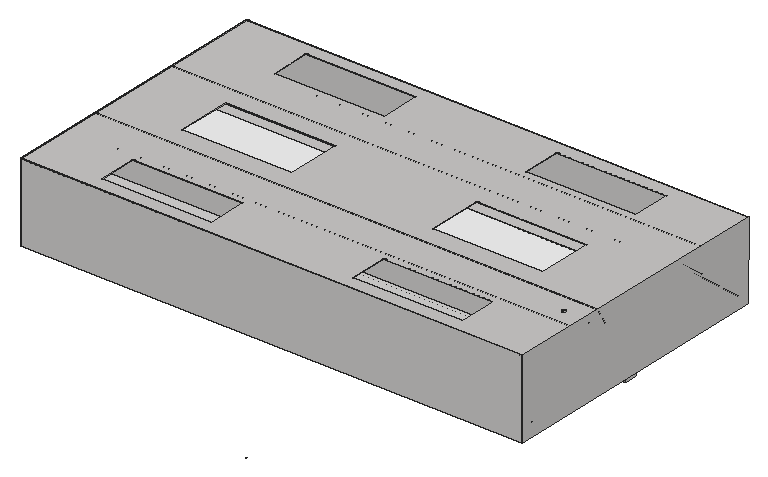
Revit family "QF_ELECTROLUXPROFESSIONAL_640237_STCF1832", category Attrezzature speciali, Revit 2021
Family settings
  Quota connettore circolare = Usa diametro
  Tipo di parte = Normale
  Basato su piano di lavoro = No
  Sempre verticale = Sì
  Taglio con vuoti quando caricato = No
  Condiviso = No
  Punto di calcolo locali = No
Parameters (values of type "Standard")
  Weight = 240.00 kg
  Watts = 480 W
  Volts = 220 V
  URL Manufacturer = "https://www.electroluxprofessional.com/"
  URL = "https://www.electroluxprofessional.com/"
  Steam Supply Size = 0 mm
  Steam Supply Minimum Pressure = 0.0 Pa
  Steam Supply Maximum Pressure = 0.0 Pa
  Steam Consumption per Hour = 0
  Refrigeration Suction Line Size = 0 mm
  Refrigeration Liquid Line Size = 0 mm
  Refrigerant Compressor Remote = yes
  Prospetto di default = 0 mm
  Produttore = "Electrolux Professional"
  Phase = 1
  Modello = "STCF1832"
  Length Actual = 3200 mm  # constant formula
  Item Number = "640237"
  Hot Water Size = 0 mm
  Height Actual = 500 mm  # constant formula
  HP = "0.6 HP"
  Gas Size = 0 mm
  Gas KW = 0
  Gas Input Pressure = 0 W
  Direct Waste Size = 0 mm
  Descrizione = "304 S/S ISLAND HOOD+FILT.+LAMPS 320X180"
  Depth Actual = 1800 mm  # constant formula
  Cycle = 50 Hz
  Condensate Return Size = 0 mm
  Compressed Air Volume = 0.0 L/s
  Compressed Air Size = 0 mm
  Compressed Air Pressure = 0.0 Pa
  Cold Water Size = 0 mm
  Accessory = yes
Reference planes
  plane 1: z = 0
  plane 2 "Center (Left/Right)": x = 150
  plane 3 "LEFT": x = -1450
  plane 4 "RIGHT": x = 1750
  plane 5 "BACK": y = 550
  plane 6 "TOP": z = 2500
  plane 7 "Base": z = 2000
  plane 8: z = 1955
  plane 9: x = -1447
  plane 10 "DrainX": x = 1630
  plane 11 "AOLeft2": x = -300
  plane 12 "AORight1": x = 600
  plane 13: x = 1747
  plane 14: x = -1250
  plane 15: x = 1550
  plane 16 "Center (Front/Back)": y = -350
  plane 17 "Front": y = -1250
  plane 18 "AOLeft1": x = -1000
  plane 19 "AORight2": x = 1300
  plane 20 "EI_y": y = -770
  plane 21 "EIx": x = 1630
  plane 22: y = 464
  plane 23: y = 214
  plane 24: y = -1164
  plane 25: y = -914
  plane 26: y = -175
  plane 27: y = -525
Forms (mm)
  Extrusion 1, solid, material "QF_Finishes_Stainless Steel"
    sketch origin (-1450, 0, 360) x (0, 1, 0) y (0, 0, 1)
      loop
        line (550, 1640) -> (550, 2140) -> (-1250, 2140) -> (-1250, 1640) -> (550, 1640)
    from 0 to 3
  Extrusion 2, solid, material "QF_Finishes_Stainless Steel"
    sketch origin (1750, 0, 360) x (0, 1, 0) y (0, 0, 1)
      loop
        line (550, 1640) -> (550, 2140) -> (-1250, 2140) -> (-1250, 1640) -> (550, 1640)
    from 0 to -3
  Extrusion 3, solid, material "QF_Finishes_Stainless Steel"
    sketch origin (150, 0, 360) x (0, 1, 0) y (0, 0, 1)
      loop
        line (-1250, 2140) -> (-1250, 1640) -> (-1240, 1640) -> (-1240, 1640.8) -> (-1249.2, 1640.8) -> (-1249.2, 2139.19) -> (549.2, 2139.19) -> (549.2, 1640.8) -> (540, 1640.8) -> (540, 1640) -> (550, 1640) -> (550, 2140) -> (-1250, 2140)
    from -1600 to 1600
  Extrusion 4, solid, material "QF_Finishes_Stainless Steel"
    sketch origin (0, -840, 2000) x (0, 1, 0) y (-1, 0, 0)
      loop
        circle (490, -1630) r 4.763
    from -30 to 0
  Extrusion 5, void
    sketch origin (0, 0, 2500) x (0, 1, 0) y (-1, 0, 0)
      loop
        line (-1164, 300) -> (-914, 300) -> (-914, 1000) -> (-1164, 1000) -> (-1164, 300)
    from 0 to -10
  Extrusion 6, solid, material "QF_Finishes_Stainless Steel"
    sketch origin (0, 0, 0) x (1, 0, 0) y (0, 1, 0)
      loop
        line (-1450, 550) -> (-1450, 549) -> (-1449, 549) -> (-1449, 550) -> (-1450, 550)
    from 0 to 1
  Sweep 7, solid, material "QF_Finishes_Stainless Steel"
    path origin (0, 0, 0) x (1, 0, 0) y (0, 1, 0)
      loop
        line (1750, 550) -> (-1450, 550) -> (-1450, -1250) -> (1750, -1250) -> (1750, 550)
    profile origin (1750, -350, 0) x (1, 0, 0) y (0, 0, 1)
      loop
        line (-3, 2000) -> (-3, 2000.8) -> (-19, 2000.8) -> (-19, 2010) -> (-20, 2010) -> (-20, 2000) -> (-3, 2000)
  Extrusion 8, solid, material "QF_Finishes_Stainless Steel"
    sketch origin (150, -826.94, 0) x (0, 1, 0) y (0, 0, 1)
      loop
        line (414.66, 2095.469) -> (440.643, 2110.471) -> (261.744, 2411.771) -> (235.948, 2396.455) -> (414.66, 2095.469)
    from -1597 to -1400
  Extrusion 9, void
    sketch origin (1134.605, 0, 2500) x (0, 1, 0) y (-1, 0, 0)
      loop
        line (-1164, -165.395) -> (-914, -165.395) -> (-914, 534.605) -> (-1164, 534.605) -> (-1164, -165.395)
    from 0 to -10
  Extrusion 10, solid, material "QF_Finishes_Stainless Steel"
    sketch origin (1630, -840, 0) x (0, 1, 0) y (0, 0, 1)
      loop
        line (539, 2000) -> (441, 2000) -> (441, 1989) -> (448.5, 1989) -> (448.5, 1965)
        arc (448.5, 1965) -> (451.429, 1957.929) -> (458.5, 1955) r 10
        line (458.5, 1955) -> (521.5, 1955)
        arc (521.5, 1955) -> (528.571, 1957.929) -> (531.5, 1965) r 10
        line (531.5, 1965) -> (531.5, 1989) -> (539, 1989) -> (539, 2000)
    from 90 to -90
  Extrusion 11, solid, material "QF_Finishes_Stainless Steel"
    sketch origin (150, -826.94, 0) x (0, 1, 0) y (0, 0, 1)
      loop
        line (414.66, 2095.469) -> (440.643, 2110.471) -> (261.744, 2411.771) -> (235.948, 2396.455) -> (414.66, 2095.469)
    from 1400 to 1597
  Extrusion 12, solid, material "QF_Finished_Chrome"
    sketch origin (150, -826.94, 0) x (0, 1, 0) y (0, 0, 1)
      loop
        line (414.66, 2095.469) -> (440.643, 2110.471) -> (261.744, 2411.771) -> (235.948, 2396.455) -> (414.66, 2095.469)
    from -1400 to 1400
  Extrusion 13, void
    sketch origin (0, 1180, 2500) x (0, 1, 0) y (-1, 0, 0)
      loop
        line (-1355, 300) -> (-1355, 1000) -> (-1705, 1000) -> (-1705, 300) -> (-1355, 300)
    from 0 to -10
  Extrusion 14, void
    sketch origin (1600, 1180, 2500) x (0, 1, 0) y (-1, 0, 0)
      loop
        line (-1355, 300) -> (-1355, 1000) -> (-1705, 1000) -> (-1705, 300) -> (-1355, 300)
    from 0 to -10
  Extrusion 15, solid, material "QF_Finishes_Stainless Steel"
    sketch origin (0, 0, 2500) x (0, 1, 0) y (-1, 0, 0)
      loop
        circle (-770, -1630) r 10
    from 0 to 1.6
  Extrusion 16, solid, material "QF_Finishes_Stainless Steel"
    sketch origin (150, -826.94, 360) x (0, 1, 0) y (0, 0, 1)
      loop
        line (430.005, 1640) -> (476.94, 1640) -> (476.94, 1640.8) -> (430.467, 1640.8) -> (371.906, 1742.23) -> (414.858, 1734.657) -> (442.266, 1750.481) -> (442.266, 1765.943) -> (441.466, 1765.943) -> (441.466, 1750.943) -> (414.709, 1735.495) -> (321.153, 1751.991) -> (320.875, 1750.416) -> (371.4, 1741.507) -> (430.005, 1640)
      loop
        line (172.529, 2139.19) -> (242.893, 2017.316) -> (245.133, 2018.715) -> (240.13, 2027.381) -> (238.569, 2026.405) -> (173.453, 2139.19) -> (172.529, 2139.19)
    from -1597 to 1597
  Extrusion 17, solid, material "QF_LAMPS"
    sketch origin (150, 0, 360) x (0, 1, 0) y (0, 0, 1)
      loop
        line (-872.823, 1962.324) -> (-718.948, 2086.929) -> (-727.129, 2097.032) -> (-881.003, 1972.426) -> (-872.823, 1962.324)
    from 1597 to -1597
  Extrusion 18, solid, material "QF_Finishes_Stainless Steel"
    sketch origin (150, 0, 360) x (0, 1, 0) y (0, 0, 1)
      loop
        line (-1250, 2139.19) -> (-1250, 1640) -> (-1186.602, 1640) -> (-1099.146, 1690.493) -> (-1110.058, 1709.394) -> (-1166.564, 1676.77) -> (-1214.704, 1680.982) -> (-1249.2, 1730.248) -> (-1249.2, 2139.19) -> (-1250, 2139.19)
      loop
        line (-873.6, 1961.694) -> (-881.937, 1971.99) -> (-869.095, 1982.182) -> (-869.095, 2139.19) -> (-869.895, 2139.19) -> (-869.895, 1982.569) -> (-1182.298, 1734.63) -> (-1171.091, 1720.79) -> (-873.6, 1961.694)
      loop
        line (-727.61, 2099.216) -> (-718.171, 2087.559) -> (-654.411, 2139.19) -> (-655.682, 2139.19) -> (-718.052, 2088.684) -> (-726.989, 2099.719) -> (-727.61, 2099.216)
    from -1597 to 1597
  Extrusion 19, solid, material "QF_Finishes_Stainless Steel"
    sketch origin (150, 126.94, 360) x (0, -1, 0) y (0, 0, -1)
      loop
        line (430.005, -1640) -> (371.4, -1741.507) -> (320.875, -1750.416) -> (321.153, -1751.991) -> (414.709, -1735.495) -> (441.466, -1750.943) -> (441.466, -1765.943) -> (442.266, -1765.943) -> (442.266, -1750.481) -> (414.858, -1734.657) -> (371.906, -1742.23) -> (430.467, -1640.8) -> (476.94, -1640.8) -> (476.94, -1640) -> (430.005, -1640)
      loop
        line (172.529, -2139.19) -> (173.453, -2139.19) -> (238.569, -2026.405) -> (240.13, -2027.381) -> (245.133, -2018.715) -> (242.893, -2017.316) -> (172.529, -2139.19)
    from -1597 to 1597
  Extrusion 20, solid, material "QF_LAMPS"
    sketch origin (150, -700, 360) x (0, -1, 0) y (0, 0, -1)
      loop
        line (-872.823, -1962.324) -> (-881.003, -1972.426) -> (-727.129, -2097.032) -> (-718.948, -2086.929) -> (-872.823, -1962.324)
    from 1597 to -1597
  Extrusion 21, solid, material "QF_Finishes_Stainless Steel"
    sketch origin (150, -700, 360) x (0, -1, 0) y (0, 0, -1)
      loop
        line (-1250, -2139.19) -> (-1249.2, -2139.19) -> (-1249.2, -1730.248) -> (-1214.704, -1680.982) -> (-1166.564, -1676.77) -> (-1110.058, -1709.394) -> (-1099.146, -1690.493) -> (-1186.602, -1640) -> (-1250, -1640) -> (-1250, -2139.19)
      loop
        line (-873.6, -1961.694) -> (-1171.091, -1720.79) -> (-1182.298, -1734.63) -> (-869.895, -1982.569) -> (-869.895, -2139.19) -> (-869.095, -2139.19) -> (-869.095, -1982.182) -> (-881.937, -1971.99) -> (-873.6, -1961.694)
      loop
        line (-727.61, -2099.216) -> (-726.989, -2099.719) -> (-718.052, -2088.684) -> (-655.682, -2139.19) -> (-654.411, -2139.19) -> (-718.171, -2087.559) -> (-727.61, -2099.216)
    from -1597 to 1597
  Extrusion 22, solid, material "QF_Finishes_Stainless Steel"
    sketch origin (150, 126.94, 0) x (0, -1, 0) y (0, 0, -1)
      loop
        line (414.66, -2095.469) -> (235.948, -2396.455) -> (261.744, -2411.771) -> (440.643, -2110.471) -> (414.66, -2095.469)
    from -1597 to -1400
  Extrusion 23, solid, material "QF_Finishes_Stainless Steel"
    sketch origin (150, 126.94, 0) x (0, -1, 0) y (0, 0, -1)
      loop
        line (414.66, -2095.469) -> (235.948, -2396.455) -> (261.744, -2411.771) -> (440.643, -2110.471) -> (414.66, -2095.469)
    from 1400 to 1597
  Extrusion 24, solid, material "QF_Finished_Chrome"
    sketch origin (150, 126.94, 0) x (0, -1, 0) y (0, 0, -1)
      loop
        line (414.66, -2095.469) -> (235.948, -2396.455) -> (261.744, -2411.771) -> (440.643, -2110.471) -> (414.66, -2095.469)
    from -1400 to 1400
  Extrusion 25, void
    sketch origin (0, 814, 2500) x (0, 1, 0) y (-1, 0, 0)
      loop
        line (-600, 300) -> (-350, 300) -> (-350, 1000) -> (-600, 1000) -> (-600, 300)
    from 0 to -10
  Extrusion 26, void
    sketch origin (1134.605, 814, 2500) x (0, 1, 0) y (-1, 0, 0)
      loop
        line (-600, -165.395) -> (-350, -165.395) -> (-350, 534.605) -> (-600, 534.605) -> (-600, -165.395)
    from 0 to -10
  Extrusion 27, solid, material "QF_Finishes_Stainless Steel"
    sketch origin (150, 126.94, 0) x (0, -1, 0) y (0, 0, -1)
      loop
        line (414.66, -2095.469) -> (235.948, -2396.455) -> (261.744, -2411.771) -> (440.643, -2110.471) -> (414.66, -2095.469)
    from -1597 to -1400
  Extrusion 28, solid, material "QF_Finishes_Stainless Steel"
    sketch origin (150, 126.94, 0) x (0, -1, 0) y (0, 0, -1)
      loop
        line (414.66, -2095.469) -> (235.948, -2396.455) -> (261.744, -2411.771) -> (440.643, -2110.471) -> (414.66, -2095.469)
    from 1597 to 1400
Cuts and joins
  Extrusion 5, Extrusion 9, Extrusion 13, Extrusion 14, Extrusion 25, Extrusion 26 cuts Extrusion 3
  joined: Extrusion 2, Extrusion 3, Sweep 7
Lines and regions (mm)
  symbolic lines, style "SpecialityEquipment", detail levels coarse
    curve 1: line (1750, 550, 2500) -> (-1450, 550, 2500)
    curve 2: line (-1450, 550, 2500) -> (-1450, -1250, 2500)
    curve 3: line (1750, -1250, 2500) -> (1750, 550, 2500)
    curve 4: line (-1450, 550, 0) -> (1750, -1250, 0)
    curve 5: line (1750, 550, 0) -> (-1450, -1250, 0)
    curve 6: line (-1450, -1250, 0) -> (1750, -1250, 0)
  symbolic lines, detail levels coarse
    curve 7: line (-1000, 464, 2500) -> (-300, 464, 2500)
    curve 8: line (-1000, 214, 2500) -> (-1000, 464, 2500)
    curve 9: line (-300, 214, 2500) -> (-1000, 214, 2500)
    curve 10: line (-300, 464, 2500) -> (-300, 214, 2500)
    curve 11: line (600, 464, 2500) -> (1300, 464, 2500)
    curve 12: line (600, 214, 2500) -> (600, 464, 2500)
    curve 13: line (1300, 214, 2500) -> (600, 214, 2500)
    curve 14: line (1300, 464, 2500) -> (1300, 214, 2500)
    curve 15: line (600, -175, 2500) -> (1300, -175, 2500)
    curve 16: line (600, -525, 2500) -> (600, -175, 2500)
    curve 17: line (1300, -525, 2500) -> (600, -525, 2500)
    curve 18: line (1300, -175, 2500) -> (1300, -525, 2500)
    curve 19: line (600, -914, 2500) -> (1300, -914, 2500)
    curve 20: line (600, -1164, 2500) -> (600, -914, 2500)
    curve 21: line (1300, -1164, 2500) -> (600, -1164, 2500)
    curve 22: line (1300, -914, 2500) -> (1300, -1164, 2500)
    curve 23: line (-1000, -914, 2500) -> (-300, -914, 2500)
    curve 24: line (-1000, -1164, 2500) -> (-1000, -914, 2500)
    curve 25: line (-300, -1164, 2500) -> (-1000, -1164, 2500)
    curve 26: line (-300, -914, 2500) -> (-300, -1164, 2500)
    curve 27: line (-1000, -175, 2500) -> (-300, -175, 2500)
    curve 28: line (-1000, -525, 2500) -> (-1000, -175, 2500)
    curve 29: line (-300, -525, 2500) -> (-1000, -525, 2500)
    curve 30: line (-300, -175, 2500) -> (-300, -525, 2500)
Dimensions and locks
  plane 3 "LEFT" to plane 4 "RIGHT" = 3200 mm
  equal spacing: plane 3 "LEFT", plane 2 "Center (Left/Right)", plane 4 "RIGHT"
  plane 7 "Base" to plane 8 = 45 mm
  plane 3 "LEFT" to plane 9 = 3 mm
  plane 10 "DrainX" to plane 4 "RIGHT" = 120 mm
  plane 13 to plane 4 "RIGHT" = 3 mm
  plane 3 "LEFT" to plane 14 = 200 mm
  plane 15 to plane 4 "RIGHT" = 200 mm
  locked: plane 11 "AOLeft2" to plane 12 "AORight1" at 900
  equal spacing: plane 11 "AOLeft2", plane 2 "Center (Left/Right)", plane 12 "AORight1"
  locked: plane 7 "Base" to level at 2000
  locked: plane 6 "TOP" to plane 7 "Base" at 500
  equal spacing: plane 5 "BACK", plane 16 "Center (Front/Back)", plane 17 "Front"
  locked: plane 18 "AOLeft1" to plane 11 "AOLeft2" at 700
  locked: plane 12 "AORight1" to plane 19 "AORight2" at 700
  locked: plane 20 "EI_y" to plane 17 "Front" at 480
  locked: plane 21 "EIx" to plane 4 "RIGHT" at 120
  locked: plane 5 "BACK" to plane 22 at 86
  plane 22 to plane 23 = 250 mm
  locked: plane 24 to plane 17 "Front" at 86
  locked: plane 24 to plane 25 at 250
  plane 26 to plane 16 "Center (Front/Back)" = 175 mm
  plane 16 "Center (Front/Back)" to plane 27 = 175 mm
  locked: plane 5 "BACK" to plane 17 "Front" at 1800
  plane 5 "BACK" to plane 17 "Front" = 1800 mm
  plane 26 to plane 27 = 350 mm
  aligned and locked: level to plane 1
  aligned and locked: plane 4 "RIGHT" to Extrusion 3
  aligned and locked: Extrusion 3 to plane 3 "LEFT"
  aligned and locked: Extrusion 2 to plane 13
  aligned and locked: Extrusion 8 to plane 9
  aligned and locked: plane 18 "AOLeft1" to Extrusion 5
  aligned and locked: Extrusion 5 to plane 11 "AOLeft2"
  aligned and locked: Extrusion 9 to plane 19 "AORight2"
  aligned and locked: plane 12 "AORight1" to Extrusion 9
  aligned and locked: plane 14 to Extrusion 8
  aligned and locked: plane 15 to Extrusion 11
  aligned and locked: plane 13 to Extrusion 11
  aligned and locked: Extrusion 12 to plane 14
  aligned and locked: Extrusion 12 to plane 15
  aligned and locked: plane 12 "AORight1" to Extrusion 14
  aligned and locked: plane 19 "AORight2" to Extrusion 14
  aligned and locked: Extrusion 13 to plane 18 "AOLeft1"
  aligned and locked: Extrusion 13 to plane 11 "AOLeft2"
  aligned and locked: Extrusion 16 to plane 9
  aligned and locked: plane 13 to Extrusion 16
  aligned and locked: Extrusion 24 to plane 14
  aligned and locked: Extrusion 24 to plane 15
  aligned and locked: plane 24 to Extrusion 5
  aligned and locked: Extrusion 5 to plane 25
  aligned and locked: Extrusion 9 to plane 25
  aligned and locked: plane 24 to Extrusion 9
  aligned and locked: Extrusion 25 to plane 18 "AOLeft1"
  aligned and locked: Extrusion 25 to plane 11 "AOLeft2"
  aligned and locked: plane 12 "AORight1" to Extrusion 26
  aligned and locked: plane 19 "AORight2" to Extrusion 26
  aligned and locked: plane 26 to Extrusion 13
  aligned and locked: Extrusion 13 to plane 27
  aligned and locked: plane 26 to Extrusion 14
  aligned and locked: Extrusion 14 to plane 27
  aligned and locked: plane 22 to Extrusion 25
  aligned and locked: Extrusion 25 to plane 23
  aligned and locked: plane 22 to Extrusion 26
  aligned and locked: Extrusion 26 to plane 23
  aligned and locked: Extrusion 21 to plane 9
  aligned and locked: Extrusion 20 to plane 9
  aligned and locked: Extrusion 19 to plane 9
  aligned and locked: plane 9 to Extrusion 22
  aligned and locked: Extrusion 18 to plane 9
  aligned and locked: Extrusion 17 to plane 9
  aligned and locked: plane 13 to Extrusion 21
  aligned and locked: plane 13 to Extrusion 20
  aligned and locked: plane 13 to Extrusion 19
  aligned and locked: Extrusion 23 to plane 13
  aligned and locked: plane 13 to Extrusion 17
  aligned and locked: Extrusion 18 to plane 13
  aligned and locked: plane 14 to Extrusion 27
  aligned and locked: Extrusion 27 to plane 9
  aligned and locked: Extrusion 28 to plane 13
  aligned and locked: plane 15 to Extrusion 28
Automatic sketch dimensions
  curve 6 to plane 3 "LEFT" = 0 mm
  curve 4 to plane 3 "LEFT" = 0 mm
  curve 5 to plane 4 "RIGHT" = 0 mm
  curve 6 to plane 4 "RIGHT" = 0 mm
  curve 4 to plane 17 "Front" = 0 mm
  curve 5 to plane 5 "BACK" = 0 mm
  curve 4 to plane 5 "BACK" = 0 mm
  Extrusion 1 sketch curve to plane 7 "Base" = 0 mm
  Extrusion 1 sketch curve to plane 17 "Front" = 0 mm
  Extrusion 1 sketch curve to plane 5 "BACK" = 0 mm
  Extrusion 1 sketch curve to plane 6 "TOP" = 0 mm
  Extrusion 2 sketch curve to plane 7 "Base" = 0 mm
  Extrusion 2 sketch curve to plane 17 "Front" = 0 mm
  Extrusion 2 sketch curve to plane 5 "BACK" = 0 mm
  Extrusion 2 sketch curve to plane 6 "TOP" = 0 mm
  Extrusion 3 sketch curve to plane 6 "TOP" = 0 mm
  Extrusion 3 sketch curve to plane 17 "Front" = 0 mm
  Extrusion 3 sketch curve to plane 7 "Base" = 0 mm  (x2)
  Extrusion 3 sketch curve to plane 5 "BACK" = 0 mm
  plane 17 "Front" to Extrusion 3 sketch curve = 0.8 mm
  Extrusion 3 sketch curve to Extrusion 3 sketch curve = 9.2 mm
  plane 7 "Base" to Extrusion 3 sketch curve = 0.8 mm  (x2)
  Extrusion 3 sketch curve to plane 5 "BACK" = 10 mm
  Extrusion 3 sketch curve to plane 5 "BACK" = 0.8 mm
  Extrusion 3 sketch curve to plane 6 "TOP" = 0.81 mm
  Extrusion 4 sketch curve to plane 10 "DrainX" = 0 mm
  Extrusion 4 sketch curve to plane 16 "Center (Front/Back)" = 0 mm
  Extrusion 5 sketch curve to plane 18 "AOLeft1" = 0 mm
  plane 24 to Extrusion 5 sketch curve = 0 mm
  Extrusion 5 sketch curve to plane 11 "AOLeft2" = 0 mm
  plane 25 to Extrusion 5 sketch curve = 0 mm
  Extrusion 6 sketch curve to plane 3 "LEFT" = 0 mm
  Extrusion 6 sketch curve to plane 5 "BACK" = 0 mm
  plane 3 "LEFT" to Extrusion 6 sketch curve = 1 mm
  Extrusion 6 sketch curve to Extrusion 6 sketch curve = 1 mm
  Sweep 7 sketch curve to plane 3 "LEFT" = 0 mm
  Sweep 7 sketch curve to plane 4 "RIGHT" = 0 mm
  Sweep 7 sketch curve to plane 17 "Front" = 0 mm
  Sweep 7 sketch curve to plane 5 "BACK" = 0 mm
  profile plane to Sweep 7 sketch curve = 20 mm
  Sweep 7 sketch curve to Sweep 7 sketch curve = 1 mm
  profile plane to Sweep 7 sketch curve = 3 mm
  level to Sweep 7 sketch curve = 2000 mm
  Sweep 7 sketch curve to Sweep 7 sketch curve = 0.8 mm
  Sweep 7 sketch curve to Sweep 7 sketch curve = 9.2 mm
  Extrusion 8 sketch curve to plane 27 = 65.992 mm
  Extrusion 8 sketch curve to Extrusion 8 sketch curve = 25.795 mm
  Extrusion 8 sketch curve to plane 16 "Center (Front/Back)" = 62.28 mm
  Extrusion 8 sketch curve to Extrusion 8 sketch curve = 25.983 mm
  plane 7 "Base" to Extrusion 8 sketch curve = 95.469 mm
  Extrusion 8 sketch curve to Extrusion 8 sketch curve = 15.001 mm
  Extrusion 8 sketch curve to plane 6 "TOP" = 103.545 mm
  Extrusion 8 sketch curve to Extrusion 8 sketch curve = 15.316 mm
  Extrusion 9 sketch curve to plane 12 "AORight1" = 0 mm
  plane 24 to Extrusion 9 sketch curve = 0 mm
  Extrusion 9 sketch curve to plane 19 "AORight2" = 0 mm
  plane 25 to Extrusion 9 sketch curve = 0 mm
  Extrusion 10 sketch curve to plane 8 = 0 mm
  Extrusion 10 sketch curve to plane 7 "Base" = 11 mm  (x2)
  Extrusion 10 sketch curve to plane 16 "Center (Front/Back)" = 49 mm
  Extrusion 10 sketch curve to Extrusion 10 sketch curve = 7.5 mm  (x2)
  Extrusion 10 sketch curve to Extrusion 10 sketch curve = 10 mm  (x2)
  plane 16 "Center (Front/Back)" to Extrusion 10 sketch curve = 31.5 mm
  plane 7 "Base" to Extrusion 10 sketch curve = 0 mm
  Extrusion 11 sketch curve to plane 27 = 65.992 mm
  Extrusion 11 sketch curve to Extrusion 11 sketch curve = 25.795 mm
  Extrusion 11 sketch curve to plane 16 "Center (Front/Back)" = 62.28 mm
  Extrusion 11 sketch curve to Extrusion 11 sketch curve = 25.983 mm
  plane 7 "Base" to Extrusion 11 sketch curve = 95.469 mm
  Extrusion 11 sketch curve to Extrusion 11 sketch curve = 15.001 mm
  Extrusion 11 sketch curve to plane 6 "TOP" = 103.545 mm
  Extrusion 11 sketch curve to Extrusion 11 sketch curve = 15.316 mm
  Extrusion 12 sketch curve to plane 27 = 65.992 mm
  Extrusion 12 sketch curve to Extrusion 12 sketch curve = 25.795 mm
  Extrusion 12 sketch curve to plane 16 "Center (Front/Back)" = 62.28 mm
  Extrusion 12 sketch curve to Extrusion 12 sketch curve = 25.983 mm
  plane 7 "Base" to Extrusion 12 sketch curve = 95.469 mm
  Extrusion 12 sketch curve to Extrusion 12 sketch curve = 15.001 mm
  Extrusion 12 sketch curve to plane 6 "TOP" = 103.545 mm
  Extrusion 12 sketch curve to Extrusion 12 sketch curve = 15.316 mm
  Extrusion 13 sketch curve to plane 11 "AOLeft2" = 0 mm
  Extrusion 13 sketch curve to plane 27 = 0 mm
  Extrusion 13 sketch curve to plane 26 = 0 mm
  Extrusion 13 sketch curve to plane 18 "AOLeft1" = 0 mm
  Extrusion 14 sketch curve to plane 19 "AORight2" = 0 mm
  Extrusion 14 sketch curve to plane 27 = 0 mm
  Extrusion 14 sketch curve to plane 26 = 0 mm
  Extrusion 14 sketch curve to plane 12 "AORight1" = 0 mm
  Extrusion 15 sketch curve to plane 20 "EI_y" = 0 mm
  Extrusion 15 sketch curve to plane 21 "EIx" = 0 mm
  Extrusion 16 sketch curve to plane 7 "Base" = 0 mm
  Extrusion 16 sketch curve to plane 6 "TOP" = 0.81 mm
  plane 20 "EI_y" to Extrusion 16 sketch curve = 115.589 mm
  Extrusion 16 sketch curve to Extrusion 16 sketch curve = 0.924 mm
  Extrusion 16 sketch curve to plane 27 = 63.371 mm
  Extrusion 16 sketch curve to Extrusion 16 sketch curve = 1.561 mm
  Extrusion 16 sketch curve to Extrusion 16 sketch curve = 4.324 mm
  Extrusion 16 sketch curve to Extrusion 16 sketch curve = 2.24 mm
  plane 27 to Extrusion 16 sketch curve = 18.935 mm
  Extrusion 16 sketch curve to Extrusion 16 sketch curve = 0.278 mm
  Extrusion 16 sketch curve to Extrusion 16 sketch curve = 50.525 mm
  Extrusion 16 sketch curve to Extrusion 16 sketch curve = 0.506 mm
  Extrusion 16 sketch curve to Extrusion 16 sketch curve = 42.803 mm
  Extrusion 16 sketch curve to Extrusion 16 sketch curve = 0.148 mm
  Extrusion 16 sketch curve to plane 16 "Center (Front/Back)" = 46.935 mm
  plane 7 "Base" to Extrusion 16 sketch curve = 0.8 mm
  Extrusion 16 sketch curve to Extrusion 16 sketch curve = 0.462 mm  (x2)
  Extrusion 16 sketch curve to Extrusion 16 sketch curve = 46.473 mm
  Extrusion 16 sketch curve to plane 16 "Center (Front/Back)" = 35.474 mm
  Extrusion 16 sketch curve to Extrusion 16 sketch curve = 0.8 mm
  plane 7 "Base" to Extrusion 16 sketch curve = 94.657 mm
  Extrusion 16 sketch curve to Extrusion 16 sketch curve = 0.838 mm
  Extrusion 16 sketch curve to Extrusion 16 sketch curve = 6.012 mm
  Extrusion 16 sketch curve to Extrusion 16 sketch curve = 0.723 mm
  Extrusion 16 sketch curve to Extrusion 16 sketch curve = 14.986 mm
  Extrusion 16 sketch curve to Extrusion 16 sketch curve = 15 mm
  Extrusion 16 sketch curve to plane 6 "TOP" = 122.684 mm
  Extrusion 16 sketch curve to Extrusion 16 sketch curve = 1.399 mm
  Extrusion 16 sketch curve to Extrusion 16 sketch curve = 9.089 mm
  Extrusion 16 sketch curve to Extrusion 16 sketch curve = 0.975 mm
  Extrusion 17 sketch curve to plane 25 = 32.997 mm
  Extrusion 17 sketch curve to Extrusion 17 sketch curve = 8.181 mm  (x2)
  plane 20 "EI_y" to Extrusion 17 sketch curve = 42.871 mm
  Extrusion 17 sketch curve to plane 6 "TOP" = 177.676 mm
  Extrusion 17 sketch curve to Extrusion 17 sketch curve = 10.102 mm
  Extrusion 17 sketch curve to plane 6 "TOP" = 53.071 mm
  Extrusion 17 sketch curve to Extrusion 17 sketch curve = 10.103 mm
  Extrusion 18 sketch curve to plane 7 "Base" = 0 mm
  Extrusion 18 sketch curve to plane 17 "Front" = 0 mm
  Extrusion 18 sketch curve to Extrusion 18 sketch curve = 0.8 mm  (x2)
  plane 17 "Front" to Extrusion 18 sketch curve = 35.296 mm
  plane 24 to Extrusion 18 sketch curve = 22.602 mm
  plane 24 to Extrusion 18 sketch curve = 18.298 mm
  plane 24 to Extrusion 18 sketch curve = 7.091 mm
  plane 24 to Extrusion 18 sketch curve = 2.564 mm
  Extrusion 18 sketch curve to plane 24 = 53.942 mm
  Extrusion 18 sketch curve to Extrusion 18 sketch curve = 10.912 mm
  Extrusion 18 sketch curve to plane 25 = 32.063 mm
  Extrusion 18 sketch curve to Extrusion 18 sketch curve = 8.337 mm
  Extrusion 18 sketch curve to Extrusion 18 sketch curve = 12.042 mm
  plane 20 "EI_y" to Extrusion 18 sketch curve = 42.39 mm
  Extrusion 18 sketch curve to Extrusion 18 sketch curve = 0.622 mm
  Extrusion 18 sketch curve to Extrusion 18 sketch curve = 9.44 mm
  Extrusion 18 sketch curve to Extrusion 18 sketch curve = 0.118 mm
  Extrusion 18 sketch curve to plane 6 "TOP" = 0.81 mm  (x3)
  Extrusion 18 sketch curve to Extrusion 18 sketch curve = 62.37 mm
  Extrusion 18 sketch curve to Extrusion 18 sketch curve = 1.271 mm
  plane 7 "Base" to Extrusion 18 sketch curve = 36.77 mm
  plane 7 "Base" to Extrusion 18 sketch curve = 40.982 mm
  plane 7 "Base" to Extrusion 18 sketch curve = 50.493 mm
  Extrusion 18 sketch curve to Extrusion 18 sketch curve = 18.901 mm
  Extrusion 18 sketch curve to Extrusion 18 sketch curve = 44.02 mm
  Extrusion 18 sketch curve to Extrusion 18 sketch curve = 49.266 mm
  Extrusion 18 sketch curve to Extrusion 18 sketch curve = 13.84 mm
  Extrusion 18 sketch curve to plane 6 "TOP" = 178.306 mm
  Extrusion 18 sketch curve to Extrusion 18 sketch curve = 10.296 mm
  Extrusion 18 sketch curve to Extrusion 18 sketch curve = 10.192 mm
  Extrusion 18 sketch curve to Extrusion 18 sketch curve = 0.386 mm
  Extrusion 18 sketch curve to plane 6 "TOP" = 52.441 mm
  Extrusion 18 sketch curve to Extrusion 18 sketch curve = 1.125 mm
  Extrusion 19 sketch curve to plane 7 "Base" = 0 mm
  plane 6 "TOP" to Extrusion 19 sketch curve = 0.81 mm
  Extrusion 19 sketch curve to plane 26 = 129.411 mm
  Extrusion 19 sketch curve to Extrusion 19 sketch curve = 0.924 mm
  Extrusion 19 sketch curve to plane 26 = 63.371 mm
  Extrusion 19 sketch curve to Extrusion 19 sketch curve = 1.561 mm
  Extrusion 19 sketch curve to Extrusion 19 sketch curve = 4.324 mm
  Extrusion 19 sketch curve to Extrusion 19 sketch curve = 2.24 mm
  plane 26 to Extrusion 19 sketch curve = 18.935 mm
  Extrusion 19 sketch curve to Extrusion 19 sketch curve = 0.278 mm
  Extrusion 19 sketch curve to Extrusion 19 sketch curve = 50.525 mm
  Extrusion 19 sketch curve to Extrusion 19 sketch curve = 0.506 mm
  Extrusion 19 sketch curve to Extrusion 19 sketch curve = 42.803 mm
  Extrusion 19 sketch curve to Extrusion 19 sketch curve = 0.148 mm
  Extrusion 19 sketch curve to plane 16 "Center (Front/Back)" = 46.935 mm
  Extrusion 19 sketch curve to plane 7 "Base" = 0.8 mm
  Extrusion 19 sketch curve to Extrusion 19 sketch curve = 0.462 mm  (x2)
  Extrusion 19 sketch curve to Extrusion 19 sketch curve = 46.473 mm
  Extrusion 19 sketch curve to plane 16 "Center (Front/Back)" = 35.474 mm
  Extrusion 19 sketch curve to Extrusion 19 sketch curve = 0.8 mm
  Extrusion 19 sketch curve to plane 7 "Base" = 94.657 mm
  Extrusion 19 sketch curve to Extrusion 19 sketch curve = 0.838 mm
  Extrusion 19 sketch curve to Extrusion 19 sketch curve = 6.012 mm
  Extrusion 19 sketch curve to Extrusion 19 sketch curve = 0.723 mm
  Extrusion 19 sketch curve to Extrusion 19 sketch curve = 14.986 mm
  Extrusion 19 sketch curve to Extrusion 19 sketch curve = 15 mm
  plane 6 "TOP" to Extrusion 19 sketch curve = 122.684 mm
  Extrusion 19 sketch curve to Extrusion 19 sketch curve = 1.399 mm
  Extrusion 19 sketch curve to Extrusion 19 sketch curve = 9.089 mm
  Extrusion 19 sketch curve to Extrusion 19 sketch curve = 0.975 mm
  plane 23 to Extrusion 20 sketch curve = 32.997 mm
  Extrusion 20 sketch curve to Extrusion 20 sketch curve = 8.181 mm  (x2)
  plane 6 "TOP" to Extrusion 20 sketch curve = 42.968 mm
  plane 23 to Extrusion 20 sketch curve = 186.871 mm
  plane 6 "TOP" to Extrusion 20 sketch curve = 53.071 mm
  plane 6 "TOP" to Extrusion 20 sketch curve = 167.574 mm
  Extrusion 20 sketch curve to Extrusion 20 sketch curve = 10.102 mm
  Extrusion 21 sketch curve to plane 5 "BACK" = 0 mm
  Extrusion 21 sketch curve to plane 7 "Base" = 0 mm
  Extrusion 21 sketch curve to Extrusion 21 sketch curve = 0.8 mm  (x2)
  plane 5 "BACK" to Extrusion 21 sketch curve = 35.296 mm
  Extrusion 21 sketch curve to plane 22 = 22.602 mm
  Extrusion 21 sketch curve to plane 22 = 18.298 mm
  Extrusion 21 sketch curve to plane 22 = 7.091 mm
  Extrusion 21 sketch curve to plane 22 = 2.564 mm
  plane 22 to Extrusion 21 sketch curve = 53.942 mm
  Extrusion 21 sketch curve to Extrusion 21 sketch curve = 10.912 mm
  plane 23 to Extrusion 21 sketch curve = 32.063 mm
  Extrusion 21 sketch curve to Extrusion 21 sketch curve = 8.337 mm
  Extrusion 21 sketch curve to Extrusion 21 sketch curve = 12.042 mm
  plane 6 "TOP" to Extrusion 21 sketch curve = 40.784 mm
  Extrusion 21 sketch curve to Extrusion 21 sketch curve = 141.485 mm
  plane 6 "TOP" to Extrusion 21 sketch curve = 40.281 mm
  Extrusion 21 sketch curve to Extrusion 21 sketch curve = 0.622 mm
  plane 6 "TOP" to Extrusion 21 sketch curve = 52.441 mm
  plane 6 "TOP" to Extrusion 21 sketch curve = 51.316 mm
  plane 6 "TOP" to Extrusion 21 sketch curve = 0.81 mm  (x3)
  Extrusion 21 sketch curve to Extrusion 21 sketch curve = 62.37 mm
  Extrusion 21 sketch curve to Extrusion 21 sketch curve = 1.271 mm
  Extrusion 21 sketch curve to plane 7 "Base" = 36.77 mm
  Extrusion 21 sketch curve to plane 7 "Base" = 40.982 mm
  Extrusion 21 sketch curve to plane 7 "Base" = 50.493 mm
  Extrusion 21 sketch curve to Extrusion 21 sketch curve = 18.901 mm
  Extrusion 21 sketch curve to Extrusion 21 sketch curve = 44.02 mm
  Extrusion 21 sketch curve to Extrusion 21 sketch curve = 49.266 mm
  Extrusion 21 sketch curve to Extrusion 21 sketch curve = 13.84 mm
  plane 6 "TOP" to Extrusion 21 sketch curve = 178.306 mm
  Extrusion 21 sketch curve to Extrusion 21 sketch curve = 10.296 mm
  Extrusion 21 sketch curve to Extrusion 21 sketch curve = 10.192 mm
  Extrusion 21 sketch curve to Extrusion 21 sketch curve = 0.386 mm
  Extrusion 22 sketch curve to plane 26 = 65.992 mm
  Extrusion 22 sketch curve to Extrusion 22 sketch curve = 25.795 mm
  Extrusion 22 sketch curve to plane 16 "Center (Front/Back)" = 62.28 mm
  Extrusion 22 sketch curve to Extrusion 22 sketch curve = 25.983 mm
  Extrusion 22 sketch curve to plane 7 "Base" = 95.469 mm
  Extrusion 22 sketch curve to Extrusion 22 sketch curve = 15.001 mm
  plane 6 "TOP" to Extrusion 22 sketch curve = 103.545 mm
  Extrusion 22 sketch curve to Extrusion 22 sketch curve = 15.316 mm
  Extrusion 23 sketch curve to plane 26 = 65.992 mm
  Extrusion 23 sketch curve to Extrusion 23 sketch curve = 25.795 mm
  Extrusion 23 sketch curve to plane 16 "Center (Front/Back)" = 62.28 mm
  Extrusion 23 sketch curve to Extrusion 23 sketch curve = 25.983 mm
  Extrusion 23 sketch curve to plane 7 "Base" = 95.469 mm
  Extrusion 23 sketch curve to Extrusion 23 sketch curve = 15.001 mm
  plane 6 "TOP" to Extrusion 23 sketch curve = 103.545 mm
  Extrusion 23 sketch curve to Extrusion 23 sketch curve = 15.316 mm
  Extrusion 24 sketch curve to plane 26 = 65.992 mm
  Extrusion 24 sketch curve to Extrusion 24 sketch curve = 25.795 mm
  Extrusion 24 sketch curve to plane 16 "Center (Front/Back)" = 62.28 mm
  Extrusion 24 sketch curve to Extrusion 24 sketch curve = 25.983 mm
  Extrusion 24 sketch curve to plane 7 "Base" = 95.469 mm
  Extrusion 24 sketch curve to Extrusion 24 sketch curve = 15.001 mm
  plane 6 "TOP" to Extrusion 24 sketch curve = 103.545 mm
  Extrusion 24 sketch curve to Extrusion 24 sketch curve = 15.316 mm
  Extrusion 25 sketch curve to plane 18 "AOLeft1" = 0 mm
  Extrusion 25 sketch curve to plane 23 = 0 mm
  Extrusion 25 sketch curve to plane 11 "AOLeft2" = 0 mm
  Extrusion 25 sketch curve to plane 22 = 0 mm
  Extrusion 26 sketch curve to plane 12 "AORight1" = 0 mm
  Extrusion 26 sketch curve to plane 23 = 0 mm
  Extrusion 26 sketch curve to plane 19 "AORight2" = 0 mm
  Extrusion 26 sketch curve to plane 22 = 0 mm
  Extrusion 27 sketch curve to plane 26 = 65.992 mm
  Extrusion 27 sketch curve to Extrusion 27 sketch curve = 25.795 mm
  Extrusion 27 sketch curve to plane 16 "Center (Front/Back)" = 62.28 mm
  Extrusion 27 sketch curve to Extrusion 27 sketch curve = 25.983 mm
  Extrusion 27 sketch curve to plane 7 "Base" = 95.469 mm
  Extrusion 27 sketch curve to Extrusion 27 sketch curve = 15.001 mm
  plane 6 "TOP" to Extrusion 27 sketch curve = 103.545 mm
  Extrusion 27 sketch curve to Extrusion 27 sketch curve = 15.316 mm
  Extrusion 28 sketch curve to plane 26 = 65.992 mm
  Extrusion 28 sketch curve to Extrusion 28 sketch curve = 25.795 mm
  Extrusion 28 sketch curve to plane 16 "Center (Front/Back)" = 62.28 mm
  Extrusion 28 sketch curve to Extrusion 28 sketch curve = 25.983 mm
  Extrusion 28 sketch curve to plane 7 "Base" = 95.469 mm
  Extrusion 28 sketch curve to Extrusion 28 sketch curve = 15.001 mm
  plane 6 "TOP" to Extrusion 28 sketch curve = 103.545 mm
  Extrusion 28 sketch curve to Extrusion 28 sketch curve = 15.316 mm
  curve 2 to plane 3 "LEFT" = 0 mm
  curve 2 to plane 17 "Front" = 0 mm
  curve 3 to plane 4 "RIGHT" = 0 mm
  curve 3 to plane 17 "Front" = 0 mm
  curve 20 to plane 12 "AORight1" = 0 mm
  plane 24 to curve 20 = 0 mm
  curve 24 to plane 18 "AOLeft1" = 0 mm
  plane 24 to curve 24 = 0 mm
  plane 25 to curve 24 = 0 mm
  plane 25 to curve 19 = 0 mm
  curve 29 to plane 11 "AOLeft2" = 0 mm
  curve 29 to plane 27 = 0 mm
  curve 17 to plane 12 "AORight1" = 0 mm
  curve 17 to plane 27 = 0 mm
  curve 16 to plane 26 = 0 mm
  curve 27 to plane 26 = 0 mm
  curve 12 to plane 12 "AORight1" = 0 mm
  curve 12 to plane 23 = 0 mm
  curve 10 to plane 11 "AOLeft2" = 0 mm
  curve 10 to plane 23 = 0 mm
  curve 8 to plane 18 "AOLeft1" = 0 mm
  curve 8 to plane 22 = 0 mm
  curve 11 to plane 22 = 0 mm
  curve 1 to plane 5 "BACK" = 0 mm
  curve 15 to plane 19 "AORight2" = 0 mm
  curve 22 to plane 19 "AORight2" = 0 mm
  curve 14 to plane 19 "AORight2" = 0 mm
  curve 26 to plane 11 "AOLeft2" = 0 mm
  curve 29 to plane 18 "AOLeft1" = 0 mm
  radius of Extrusion 4 sketch curve = 4.763 mm
  radius of Extrusion 15 sketch curve = 10 mm
Connectors
  piping at (1630, -350, 1970), diameter 9.5
    settings: on Extrusion 4, index 1, connector inside diameter 609.6 mm, connector length 0 mm, flow factor 0, pipe flow 0.0 L/s, pressure drop 0.0 Pa, fitting loss kfactor 0, connector angle 0.00°, fixture units 0, engagement length 0 mm, angle of deflection 0.00°, flow configuration 1, flow direction 2, fitting loss method 0, system type 16, joint type 0, gender type 0, connector reference index -1, connector utility 0, adjustable connector no, is connector primary yes, connector description "Drain"
  hvac at (-650, -1039, 2500)
    settings: on Extrusion 5, index 2, duct flow 0.0 L/s, flow factor 0, pres drop 0.0 Pa, loss coef 0, conn angle 0.00°, conn width 250 mm, conn height 700 mm, conn diameter 609.6 mm, duct sys type 1, conn prof type 1, flow config 1, flow direction 1, loss method 0, conn ref index -1, conn util no, is conn primary yes, conn desc "AIR INLET"
  hvac at (950, -1039, 2500)
    settings: on Extrusion 9, index 3, duct flow 0.0 L/s, flow factor 0, pres drop 0.0 Pa, loss coef 0, conn angle 0.00°, conn width 250 mm, conn height 700 mm, conn diameter 609.6 mm, duct sys type 1, conn prof type 1, flow config 1, flow direction 1, loss method 0, conn ref index -1, conn util no, is conn primary no, conn desc "AIR INLET"
  hvac at (-650, -350, 2500)
    settings: on Extrusion 13, index 4, duct flow 0.0 L/s, flow factor 0, pres drop 0.0 Pa, loss coef 0, conn angle 0.00°, conn width 350 mm, conn height 700 mm, conn diameter 609.6 mm, duct sys type 3, conn prof type 1, flow config 1, flow direction 2, loss method 0, conn ref index -1, conn util no, is conn primary no, conn desc "EXHAUST OUTLET"
  hvac at (950, -350, 2500)
    settings: on Extrusion 14, index 5, duct flow 0.0 L/s, flow factor 0, pres drop 0.0 Pa, loss coef 0, conn angle 0.00°, conn width 350 mm, conn height 700 mm, conn diameter 609.6 mm, duct sys type 3, conn prof type 1, flow config 1, flow direction 2, loss method 0, conn ref index -1, conn util no, is conn primary no, conn desc "EXHAUST OUTLET"
  electrical at (1630, -770, 2501.6), driven by "Volts"
    settings: on Extrusion 15, index 6, voltage 220 V, apparent load 0 VA, apparent load phase1 0 VA, apparent load phase2 0 VA, apparent load phase3 0 VA, power factor 1, load classification "Other", number of poles 1, system type 30, power factor state 1, is connector primary yes, connector utility no, sub classification motor no, connector description "Electrical Connection"
  hvac at (-650, 339, 2500)
    settings: on Extrusion 25, index 7, duct flow 0.0 L/s, flow factor 0, pres drop 0.0 Pa, loss coef 0, conn angle 0.00°, conn width 250 mm, conn height 700 mm, conn diameter 609.6 mm, duct sys type 1, conn prof type 1, flow config 1, flow direction 1, loss method 0, conn ref index -1, conn util no, is conn primary no, conn desc "AIR INLET"
  hvac at (950, 339, 2500)
    settings: on Extrusion 26, index 8, duct flow 0.0 L/s, flow factor 0, pres drop 0.0 Pa, loss coef 0, conn angle 0.00°, conn width 250 mm, conn height 700 mm, conn diameter 609.6 mm, duct sys type 1, conn prof type 1, flow config 1, flow direction 1, loss method 0, conn ref index -1, conn util no, is conn primary no, conn desc "AIR INLET"
